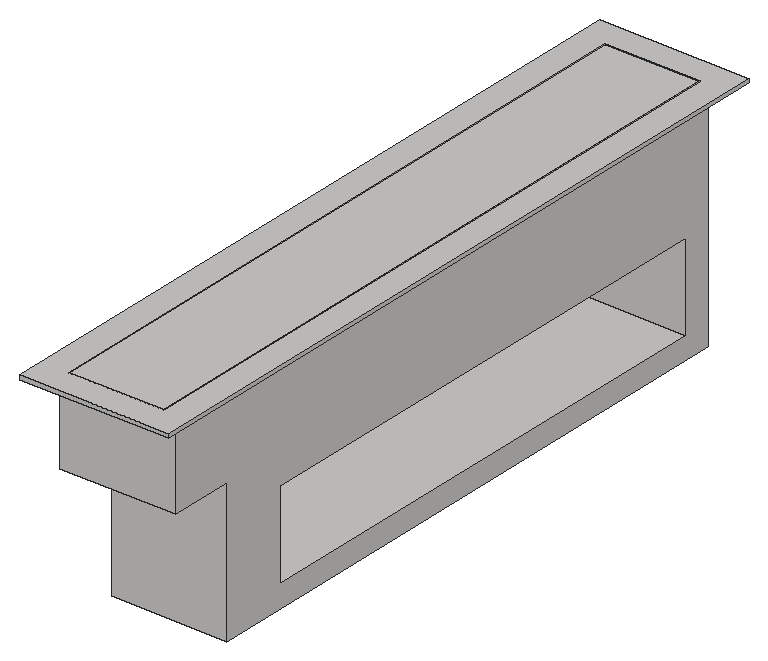
Revit family "VL414111", category Generic Models, Revit 2014
Parameters (values of type "VL414111")
  Width = 110 mm
  URL = "http://www.gaggenau.com."
  Model = "VL414111"
  Manufacturer = "Gaggenau"
  Height = 173 mm
  Unit = Metal Panel
  Description = "Gaggenau Vario 400 series downdraft"
  Depth = 535 mm
Reference planes
  plane 1 "Center (Front/Back)": y = 0
  plane 2: z = 0
  plane 3 "Center (Left/Right)": x = 0
  plane 4: x = -55
  plane 5: x = 55
  plane 6: y = 267.5
  plane 7: y = -267.5
  plane 8: z = 173
  plane 9: z = 170
Forms (mm)
  Extrusion 1, solid, material "Metal Panel" <- "Unit"
    sketch origin (0, 0, 0) x (1, 0, 0) y (0, 1, 0)
      loop
        line (-55, 267.5) -> (-55, -267.5) -> (55, -267.5) -> (55, 267.5) -> (-55, 267.5)
      loop
        line (-35, 247.5) -> (-35, -247.5) -> (35, -247.5) -> (35, 247.5) -> (-35, 247.5)
    from 170 to 173
  Extrusion 2, solid, material "Metal Panel" <- "Unit"
    sketch origin (0, 0, 0) x (0, 1, 0) y (0, 0, 1)
      loop
        line (246.395, 170) -> (-245, 170) -> (-245, 105) -> (-197.5, 105) -> (-197.5, 0) -> (246.395, 0) -> (246.395, 170)
      loop
        line (226.395, 81.336) -> (-148.605, 81.336) -> (-148.605, 16.336) -> (226.395, 16.336) -> (226.395, 81.336)
    from -43.637 to 41.791
  Extrusion 3, solid, material "Metal Panel" <- "Unit"
    sketch origin (0, 0, 0) x (1, 0, 0) y (0, 1, 0)
      loop
        line (-35, -247.5) -> (35, -247.5) -> (35, 247.5) -> (-35, 247.5) -> (-35, -247.5)
    from 173 to 170
Dimensions and locks
  equal spacing: plane 4, plane 3 "Center (Left/Right)", plane 5
  equal spacing: plane 6, plane 1 "Center (Front/Back)", plane 7
  "Width": plane 4 to plane 5
  "Depth": plane 6 to plane 7
  "Height": plane 8 to plane 2
  plane 8 to plane 9 = 3 mm
  Extrusion 2 to Extrusion 2 = 85.428 mm
  aligned and locked: level to plane 2
Automatic sketch dimensions
  Extrusion 1 sketch curve to plane 4 = 0 mm
  Extrusion 1 sketch curve to plane 5 = 0 mm
  plane 7 to Extrusion 1 sketch curve = 0 mm
  Extrusion 1 sketch curve to plane 6 = 0 mm
  plane 4 to Extrusion 1 sketch curve = 20 mm
  plane 5 to Extrusion 1 sketch curve = 20 mm
  Extrusion 1 sketch curve to plane 7 = 20 mm
  Extrusion 1 sketch curve to plane 6 = 20 mm
  Extrusion 2 sketch curve to plane 9 = 0 mm
  Extrusion 2 sketch curve to level = 0 mm
  Extrusion 2 sketch curve to plane 7 = 22.5 mm
  Extrusion 2 sketch curve to plane 7 = 70 mm
  level to Extrusion 2 sketch curve = 16.336 mm
  Extrusion 2 sketch curve to Extrusion 2 sketch curve = 48.895 mm
  Extrusion 2 sketch curve to plane 6 = 41.105 mm
  Extrusion 2 sketch curve to plane 6 = 21.105 mm
  Extrusion 2 sketch curve to Extrusion 2 sketch curve = 65 mm
  Extrusion 2 sketch curve to plane 9 = 65 mm
  plane 4 to Extrusion 3 sketch curve = 20 mm
  plane 5 to Extrusion 3 sketch curve = 20 mm
  Extrusion 3 sketch curve to plane 7 = 20 mm
  Extrusion 3 sketch curve to plane 6 = 20 mm
